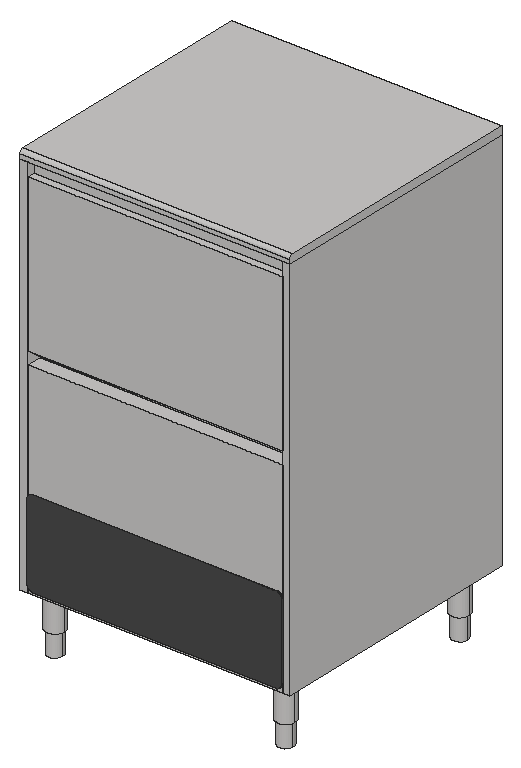
Revit family "QF_ELECTROLUXPROFESSIONAL_730329_ICC112I60SNP", category Attrezzature speciali, Revit 2018
Family settings
  Quota connettore circolare = Usa diametro
  Tipo di parte = Normale
  Basato su piano di lavoro = No
  Sempre verticale = Sì
  Taglio con vuoti quando caricato = No
  Condiviso = No
  Punto di calcolo locali = No
Parameters (values of type "Standard")
  Weight = 81.00 kg
  Watts = 0 W
  Volts = 220 V
  URL Manufacturer = "https://www.electroluxprofessional.com/"
  URL = "https://www.electroluxprofessional.com/"
  Steam Supply Size = 0 mm
  Steam Supply Minimum Pressure = 0.0 Pa
  Steam Supply Maximum Pressure = 0.0 Pa
  Steam Pounds per Hour = 0
  Show Logo [instance] = yes
  Show Clearance [instance] = yes
  Refrigeration Suction Line Size = 0 mm
  Refrigeration Liquid Line Size = 0 mm
  Refrigerant Compressor Remote = yes
  Produttore = "Electrolux Professional"
  Phase = 1
  Modello = "ICC112I60SNP"
  Length Actual = 715 mm  # constant formula
  Item Number = "730329"
  Hot Water Size = 0 mm
  Height Actual = 1149 mm  # constant formula
  HP = "0 HP"
  Gas Size = 0 mm
  Gas KW = 0
  Gas Input Pressure = 0 W
  Descrizione = "AIR COOLED ICE CUBER 40GR 112KG/24H-BIN 60KG"
  Depth Actual = 700 mm  # constant formula
  Cycle = 50 Hz
  Condensate Return Size = 0 mm
  Compressed Air Volume = 0.0 L/s
  Compressed Air Size = 0 mm
  Compressed Air Pressure = 0.0 Pa
  Cold Water Size = 19.05 mm
  Accessory = yes
Reference planes
  plane 1 "Center X": y = 272.851
  plane 2: z = 0
  plane 3 "Center Y": x = -501.5
  plane 4 "LEFT": x = -859
  plane 5 "RIGHT": x = -144
  plane 6 "FRONT": y = -77.649
  plane 7 "BACK": y = 623.351
  plane 8: z = 154
  plane 9: z = 1198
  plane 10: z = 1178
  plane 11: x = -839
  plane 12: x = -164
  plane 13: y = -37.649
Forms (mm)
  Extrusion 1, solid, material "QF_Finishes_Black"
    sketch origin (-217.296, -77.649, 371.513) x (-1, 0, 0) y (0, 0, -1)
      loop
        arc (606.704, -20.487) -> (617.311, -16.093) -> (621.704, -5.487) r 15
        line (621.704, -5.487) -> (621.704, 195.469)
        arc (621.704, 195.469) -> (617.311, 206.075) -> (606.704, 210.469) r 15
        line (606.704, 210.469) -> (-38.296, 210.469)
        arc (-38.296, 210.469) -> (-48.903, 206.075) -> (-53.296, 195.469) r 15
        line (-53.296, 195.469) -> (-53.296, -5.487)
        arc (-53.296, -5.487) -> (-48.903, -16.093) -> (-38.296, -20.487) r 15
        line (-38.296, -20.487) -> (606.704, -20.487)
    from 0 to 2
  Extrusion 2, solid, material "QF_Finishes_Stainless Steel"
    sketch origin (-501.5, 0, 0) x (0, 1, 0) y (0, 0, 1)
      loop
        line (623.351, 1178) -> (623.351, 1198) -> (-67.649, 1198)
        arc (-67.649, 1198) -> (-74.72, 1195.071) -> (-77.649, 1188) r 10
        line (-77.649, 1188) -> (-77.649, 1178) -> (623.351, 1178)
    from -357.5 to 357.5
  Extrusion 3, solid, material "QF_Finishes_Stainless Steel"
    sketch origin (-446.7, 623.351, -284.545) x (1, 0, 0) y (0, 0, -1)
      loop
        circle (233.2, -654.545) r 10
    from 0 to 10
  Extrusion 4, solid, material "QF_Finishes_Stainless Steel"
    sketch origin (0, 0, 0) x (1, 0, 0) y (0, 1, 0)
      loop
        line (-859, 623.351) -> (-859, -77.649) -> (-839, -77.649) -> (-839, 623.351) -> (-859, 623.351)
    from 154 to 1178
  Extrusion 5, solid, material "QF_Finishes_Stainless Steel"
    sketch origin (0, 0, 0) x (1, 0, 0) y (0, 1, 0)
      loop
        line (-164, 623.351) -> (-164, -77.649) -> (-144, -77.649) -> (-144, 623.351) -> (-164, 623.351)
    from 154 to 1178
  Extrusion 6, solid, material "QF_Finishes_Stainless Steel"
    sketch origin (0, 0, 0) x (1, 0, 0) y (0, 1, 0)
      loop
        line (-839, 623.351) -> (-839, -37.649) -> (-164, -37.649) -> (-164, 623.351) -> (-839, 623.351)
    from 154 to 1178
  Extrusion 7, solid, material "QF_Finishes_Stainless Steel"
    sketch origin (0, 0, 0) x (1, 0, 0) y (0, 1, 0)
      loop
        line (-839, -77.649) -> (-164, -77.649) -> (-164, -37.649) -> (-839, -37.649) -> (-839, -77.649)
    from 154 to 695.994
  Extrusion 8, solid, material "QF_Finishes_Stainless Steel"
    sketch origin (-501.5, 0, 0) x (0, 1, 0) y (0, 0, 1)
      loop
        line (-37.649, 1178) -> (-57.649, 1178) -> (-57.649, 1142) -> (-77.649, 1142) -> (-77.649, 728.768) -> (-57.649, 728.768) -> (-57.649, 713.768) -> (-37.649, 713.768) -> (-37.649, 1178)
    from -337.5 to 337.5
  Extrusion 9, solid, material "QF_Finishes_Stainless Steel"
    sketch origin (-428.2, 623.351, -395.545) x (1, 0, 0) y (0, 0, -1)
      loop
        circle (233.2, -654.545) r 10
    from 0 to 10
  Extrusion 10, solid, material "QF_Finishes_Stainless Steel"
    sketch origin (-487.7, 623.351, -316.545) x (1, 0, 0) y (0, 0, -1)
      loop
        circle (233.2, -654.545) r 10
    from 0 to 10
Lines and regions (mm)
  Split face 1
    outline origin (-501.5, -57.649, 1178) x (0, 0, -1) y (1, 0, 0)
      loop
        line (5.715, 214.928) -> (30.715, 214.928) -> (30.715, 254.928) -> (5.715, 254.928) -> (5.715, 214.928)
  symbolic lines
    curve 1: line (-859, 623.351, 0) -> (-144, 623.351, 0)
    curve 2: line (-859, -77.649, 0) -> (-859, 623.351, 0)
    curve 3: line (-144, -77.649, 0) -> (-859, -77.649, 0)
    curve 4: line (-144, 623.351, 0) -> (-144, -77.649, 0)
Dimensions and locks
  equal spacing: plane 4 "LEFT", plane 3 "Center Y", plane 5 "RIGHT"
  plane 4 "LEFT" to plane 5 "RIGHT" = 715 mm
  equal spacing: plane 7 "BACK", plane 1 "Center X", plane 6 "FRONT"
  plane 7 "BACK" to plane 6 "FRONT" = 701 mm
  plane 8 to plane 2 = 154 mm
  plane 9 to plane 8 = 1044 mm
  locked: plane 4 "LEFT" to plane 11 at 20
  locked: plane 12 to plane 5 "RIGHT" at 20
  locked: plane 9 to plane 10 at 20
  locked: plane 13 to plane 6 "FRONT" at 40
  aligned and locked: level to plane 2
  aligned and locked: plane 5 "RIGHT" to Extrusion 2
  aligned and locked: Extrusion 2 to plane 4 "LEFT"
  aligned and locked: Extrusion 4 sketch curve to Extrusion 2  (x2)
  aligned and locked: plane 6 "FRONT" to Extrusion 4 sketch curve
  aligned and locked: Extrusion 4 sketch curve to plane 11
  aligned and locked: Extrusion 5 sketch curve to plane 7 "BACK"
  aligned and locked: plane 12 to Extrusion 5 sketch curve
  aligned and locked: Extrusion 5 sketch curve to Extrusion 2  (x2)
  aligned and locked: plane 10 to Extrusion 4
  aligned and locked: plane 10 to Extrusion 5
  aligned and locked: Extrusion 4 to plane 8
  aligned and locked: Extrusion 5 to plane 8
  aligned and locked: Extrusion 6 sketch curve to Extrusion 4
  aligned and locked: Extrusion 4 to Extrusion 6 sketch curve
  aligned and locked: plane 13 to Extrusion 6 sketch curve
  aligned and locked: Extrusion 6 sketch curve to plane 12
  aligned and locked: plane 10 to Extrusion 6
  aligned and locked: Extrusion 6 to plane 8
  aligned and locked: Extrusion 4 to Extrusion 7 sketch curve
  aligned and locked: Extrusion 7 sketch curve to Extrusion 4
  aligned and locked: plane 13 to Extrusion 7 sketch curve
  aligned and locked: plane 12 to Extrusion 7 sketch curve
  aligned and locked: Extrusion 7 to plane 8
  aligned and locked: plane 12 to Extrusion 8
  aligned and locked: Extrusion 8 to plane 11
Automatic sketch dimensions
  curve 3 to plane 4 "LEFT" = 0 mm
  curve 3 to plane 5 "RIGHT" = 0 mm
  curve 3 to plane 6 "FRONT" = 0 mm
  curve 2 to plane 7 "BACK" = 0 mm
  Extrusion 1 sketch curve to plane 12 = 0 mm
  plane 8 to Extrusion 1 sketch curve = 7.044 mm
  Extrusion 1 sketch curve to Extrusion 1 sketch curve = 15 mm  (x3)
  plane 11 to Extrusion 1 sketch curve = 15 mm  (x2)
  Extrusion 1 sketch curve to Extrusion 1 sketch curve = 200.956 mm
  Extrusion 2 sketch curve to plane 6 "FRONT" = 0 mm
  Extrusion 2 sketch curve to plane 9 = 0 mm
  Extrusion 2 sketch curve to plane 7 "BACK" = 0 mm
  Extrusion 2 sketch curve to plane 10 = 0 mm
  plane 6 "FRONT" to Extrusion 2 sketch curve = 10 mm
  Extrusion 6 to Extrusion 3 sketch curve = 216 mm
  Extrusion 3 sketch curve to Extrusion 6 = 49.5 mm
  Extrusion 8 sketch curve to plane 6 "FRONT" = 0 mm
  Extrusion 8 sketch curve to plane 10 = 0 mm
  Extrusion 8 sketch curve to plane 13 = 0 mm
  plane 6 "FRONT" to Extrusion 8 sketch curve = 20 mm  (x2)
  Extrusion 8 sketch curve to plane 10 = 36 mm
  Extrusion 8 sketch curve to Extrusion 8 sketch curve = 413.232 mm
  Extrusion 8 sketch curve to Extrusion 8 sketch curve = 15 mm
  Split face 1 sketch curve to Extrusion 8 = 5.715 mm
  Extrusion 8 to Split face 1 sketch curve = 5.285 mm
  Split face 1 sketch curve to Extrusion 8 = 122.572 mm
  Split face 1 sketch curve to Split face 1 sketch curve = 40 mm
  Extrusion 9 sketch curve to Extrusion 6 = 31 mm
  Extrusion 6 to Extrusion 9 sketch curve = 105 mm
  Extrusion 10 sketch curve to Extrusion 6 = 90.5 mm
  Extrusion 6 to Extrusion 10 sketch curve = 184 mm
  radius of Extrusion 3 sketch curve = 10 mm
  radius of Extrusion 9 sketch curve = 10 mm
  radius of Extrusion 10 sketch curve = 10 mm
Nested families
  nested 1: "Foot_Complete" at (-807, -26.649, 0), type "Foot_Complete"
  nested 2: "Foot_Complete" at (-196, -26.649, 0) x (-1, 0, 0) z (0, 0, 1), type "Foot_Complete"
  nested 3: "Foot_Complete" at (-807, 550.351, 0), type "Foot_Complete"
  nested 4: "Foot_Complete" at (-196, 550.351, 0) x (-1, 0, 0) z (0, 0, 1), type "Foot_Complete"
Connectors
  electrical at (-195, 633.351, 259), driven by "Volts"
    settings: on Extrusion 9, index 1, voltage 220 V, apparent load 0 VA, apparent load phase1 0 VA, apparent load phase2 0 VA, apparent load phase3 0 VA, power factor 1, load classification "Altro", number of poles 1, system type 30, power factor state 1, is connector primary yes, connector utility no, sub classification motor no, connector description "Electrical Connection"
  piping at (-213.5, 633.351, 370), diameter 20
    settings: on Extrusion 3, index 2, connector inside diameter 609.6 mm, connector length 0 mm, flow factor 0, pipe flow 0.0 L/s, pressure drop 0.0 Pa, fitting loss kfactor 0, connector angle 0.00°, fixture units 0, engagement length 0 mm, angle of deflection 0.00°, flow configuration 0, flow direction 0, fitting loss method 0, system type 20, joint type 0, gender type 0, connector reference index -1, connector utility 0, adjustable connector no, is connector primary yes, connector description "Cold water"
  piping at (-254.5, 633.351, 338), diameter 20
    settings: on Extrusion 10, index 3, connector inside diameter 609.6 mm, connector length 0 mm, flow factor 0, pipe flow 0.0 L/s, pressure drop 0.0 Pa, fitting loss kfactor 0, connector angle 0.00°, fixture units 0, engagement length 0 mm, angle of deflection 0.00°, flow configuration 0, flow direction 0, fitting loss method 0, system type 16, joint type 0, gender type 0, connector reference index -1, connector utility 0, adjustable connector no, is connector primary no, connector description "Drain"
Definition of nested family "Foot_Complete"
  Parameters (values of type "Foot_Complete")
    R = 25 mm
    H = 153 mm
  Reference planes
    plane 1 "Centro (Fronte/Retro)": y = 0
    plane 2: z = 0
    plane 3 "Centro (Sinistra/Destra)": x = 0
    plane 4: z = 153
  Forms (mm)
    Revolve 1, solid
      sketch origin (255.05, 0, 608.09) x (0, 0, 1) y (-1, 0, 0)
        loop
          line (-608.09, 255.05) -> (-608.09, 235.05) -> (-548.09, 235.05) -> (-548.09, 230.05) -> (-455.09, 230.05) -> (-455.09, 255.05) -> (-608.09, 255.05)
        axis (-608.09, 255.05) -> (-455.09, 255.05)
      angle from 0 to 360
  Dimensions and locks
    level to Revolve 1 sketch curve = 60 mm
    "R": Revolve 1 sketch curve to plane 3 "Centro (Sinistra/Destra)"
    "H": plane 4 to level
    aligned and locked: level to plane 2
    aligned and locked: plane 4 to Revolve 1 sketch curve
    aligned and locked: Revolve 1 sketch curve to level
    aligned and locked: plane 3 "Centro (Sinistra/Destra)" to Revolve 1 sketch curve
  Automatic sketch dimensions
    Revolve 1 sketch curve to plane 3 "Centro (Sinistra/Destra)" = 0 mm
    plane 3 "Centro (Sinistra/Destra)" to Revolve 1 sketch curve = 20 mm
    Revolve 1 sketch curve to Revolve 1 sketch curve = 50 mm
    Revolve 1 sketch curve to Revolve 1 sketch curve = 20 mm
